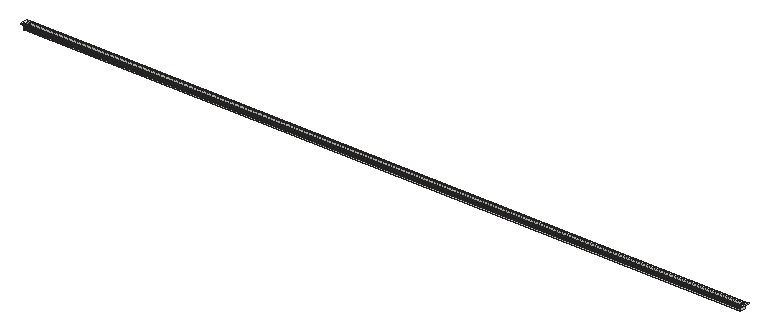
Revit family "SN1008 updated", category Lighting Fixtures, host Face, Revit 2020 (continued)
Definition of nested family "DFN1_3000K"
  Definition of nested family "Increment strip 5"
    Automatic sketch dimensions
      Extrusion 2 sketch curve to plane 3 "Center (Left/Right)" = 0.0000"
      Extrusion 2 sketch curve to plane 4 = 0.0000"
      Extrusion 2 sketch curve to plane 5 = 0.0068"
      plane 6 to Extrusion 2 sketch curve = 0.0068"
Types (5): name | Wattage Comments | Product Name | Number of LED's | N2 | N1 | Model | Max Input Current | Lumen Output | Lamp | LED Tape Page URL | LED Tape Documentation link | Initial Color Comments | DFN2 | DFN1 | Color Option Available | CCT | Apparent Load
  (no name) | "1.0W/FT" | "DFN1" | "146 Diodes/FT" | no | no | "DFN1" | "4 A" | "84 lm/FT" | "" | "https://bllighting.com/products/led-tape/dfn1" | "https://bllighting.com/wp-content/uploads/DFN1-Specification.pdf" | "Perfomance based on 3000K Photometric Web File" | no | yes | "2400K,2700K,3000K,3500K,4000K" | "2400K,2700K,3000K,3500K,4000K" | 96 VA
  180 lm per FT 1.85 W per FT - N2 | "1.85W/FT" | "N2" | "18 Diodes/FT" | yes | no | "N2" | "5 A" | "180 lm/FT" | "LED,SMD 3528" | "https://bllighting.com/products/led-tape/n2" | "https://bllighting.com/wp-content/uploads/N2-Specification.pdf" | "Perfomance based on 3000K Photometric Web File" | no | no | "2700K,3000K,3500K,4000K" | "2700K,3000K,3500K,4000K" | 120 VA
  91 lm per FT 1.00 W per FT - N1 | "1.0W/FT" | "N1" | "42 Diodes/FT" | no | yes | "N1" | "1.40 A" | "91 lm/FT" | "LED,SMD2216" | "https://bllighting.com/products/led-tape/n1" | "https://bllighting.com/wp-content/uploads/N1-Specification.pdf" | "Perfomance based on 2700K Photometric Web File" | no | no | "2700K,3000K,4000K,6500K" | "2700K,3000K,4000K,6500K" | 33.6 VA
  201 lm per FT 2.4 W per FT - DFN2 | "2.4W/FT" | "DFN2" | "146 Diodes/FT" | no | no | "DFN2" | "4 A" | "201 lm/FT" | "" | "https://bllighting.com/products/led-tape/dfn2" | "https://bllighting.com/wp-content/uploads/DFN2-Specification.pdf" | "Perfomance based on 3000K Photometric Web File" | yes | no | "2400K,2700K,3000K,3500K,4000K" | "2400K,2700K,3000K,3500K,4000K" | 96 VA
  84 lm per FT 1.00 W per FT - DFN1 | "1.0W/FT" | "DFN1" | "146 Diodes/FT" | no | no | "DFN1" | "4 A" | "84 lm/FT" | "" | "https://bllighting.com/products/led-tape/dfn1" | "https://bllighting.com/wp-content/uploads/DFN1-Specification.pdf" | "Perfomance based on 3000K Photometric Web File" | no | yes | "2400K,2700K,3000K,3500K,4000K" | "2400K,2700K,3000K,3500K,4000K" | 96 VA
